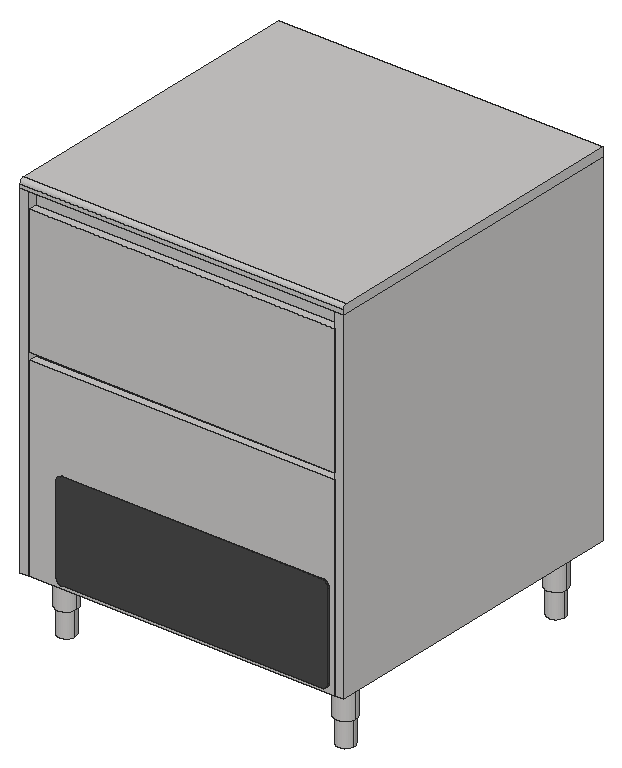
Revit family "QF_ZANUSSI_730298_IHD140I45SNP", category Attrezzature speciali, Revit 2018
Family settings
  Quota connettore circolare = Usa diametro
  Tipo di parte = Normale
  Basato su piano di lavoro = No
  Sempre verticale = Sì
  Taglio con vuoti quando caricato = No
  Condiviso = No
  Punto di calcolo locali = No
Parameters (values of type "Standard")
  Weight = 74.00 kg
  Watts = 1400 W
  Volts = 220 V
  URL Manufacturer = "http://www.zanussiprofessional.com"
  URL = "http://www.zanussiprofessional.com"
  Steam Supply Size = 0 mm
  Steam Supply Minimum Pressure = 0.0 Pa
  Steam Supply Maximum Pressure = 0.0 Pa
  Steam Pounds per Hour = 0
  Show Logo [instance] = yes
  Show Clearance [instance] = yes
  Refrigeration Suction Line Size = 0 mm
  Refrigeration Liquid Line Size = 0 mm
  Refrigerant Compressor Remote = yes
  Produttore = "Zanussi"
  Phase = 1
  Modello = "IHD140I45SNP"
  Length Actual = 762 mm  # constant formula
  Item Number = "730298"
  Hot Water Size = 0 mm
  Height Actual = 937 mm  # constant formula
  HP = "1.9 HP"
  Gas Size = 0 mm
  Gas KW = 0
  Gas Input Pressure = 0 W
  Descrizione = "WATER COOLED HALF DICE ICE 140KG/24H-BIN 45KG"
  Depth Actual = 762 mm  # constant formula
  Cycle = 50 Hz
  Condensate Return Size = 0 mm
  Compressed Air Volume = 0.0 L/s
  Compressed Air Size = 0 mm
  Compressed Air Pressure = 0.0 Pa
  Cold Water Size = 19.05 mm
  Accessory = yes
Reference planes
  plane 1 "Center X": y = 272.851
  plane 2: z = 0
  plane 3 "Center Y": x = -501.5
  plane 4 "LEFT": x = -882.5
  plane 5 "RIGHT": x = -120.5
  plane 6 "FRONT": y = -108.149
  plane 7 "BACK": y = 653.851
  plane 8: z = 142
  plane 9: z = 973
  plane 10: z = 953
  plane 11: x = -862.5
  plane 12: x = -140.5
  plane 13: y = -68.149
Forms (mm)
  Extrusion 1, solid, material "QF_Finishes_Black"
    sketch origin (-206.5, -108.149, 371.513) x (-1, 0, 0) y (0, 0, -1)
      loop
        arc (575, -8.487) -> (585.607, -4.093) -> (590, 6.513) r 15
        line (590, 6.513) -> (590, 207.469)
        arc (590, 207.469) -> (585.607, 218.075) -> (575, 222.469) r 15
        line (575, 222.469) -> (-36.116, 222.469)
        arc (-36.116, 222.469) -> (-46.723, 218.075) -> (-51.116, 207.469) r 15
        line (-51.116, 207.469) -> (-51.116, 6.513)
        arc (-51.116, 6.513) -> (-46.723, -4.093) -> (-36.116, -8.487) r 15
        line (-36.116, -8.487) -> (575, -8.487)
    from 0 to 2
  Extrusion 2, solid, material "QF_Finishes_Stainless Steel"
    sketch origin (-501.5, 0, 0) x (0, 1, 0) y (0, 0, 1)
      loop
        line (653.851, 953) -> (653.851, 973) -> (-98.149, 973)
        arc (-98.149, 973) -> (-105.22, 970.071) -> (-108.149, 963) r 10
        line (-108.149, 963) -> (-108.149, 953) -> (653.851, 953)
    from -381 to 381
  Extrusion 3, solid, material "QF_Finishes_Stainless Steel"
    sketch origin (-464.7, 653.851, -324.545) x (1, 0, 0) y (0, 0, -1)
      loop
        circle (280.2, -642.545) r 10
    from 0 to 10
  Extrusion 4, solid, material "QF_Finishes_Stainless Steel"
    sketch origin (0, 0, 0) x (1, 0, 0) y (0, 1, 0)
      loop
        line (-882.5, 653.851) -> (-882.5, -108.149) -> (-862.5, -108.149) -> (-862.5, 653.851) -> (-882.5, 653.851)
    from 142 to 953
  Extrusion 5, solid, material "QF_Finishes_Stainless Steel"
    sketch origin (0, 0, 0) x (1, 0, 0) y (0, 1, 0)
      loop
        line (-140.5, 653.851) -> (-140.5, -108.149) -> (-120.5, -108.149) -> (-120.5, 653.851) -> (-140.5, 653.851)
    from 142 to 953
  Extrusion 6, solid, material "QF_Finishes_Stainless Steel"
    sketch origin (0, 0, 0) x (1, 0, 0) y (0, 1, 0)
      loop
        line (-862.5, 653.851) -> (-862.5, -68.149) -> (-140.5, -68.149) -> (-140.5, 653.851) -> (-862.5, 653.851)
    from 142 to 953
  Extrusion 7, solid, material "QF_Finishes_Stainless Steel"
    sketch origin (0, 0, 0) x (1, 0, 0) y (0, 1, 0)
      loop
        line (-862.5, -108.149) -> (-140.5, -108.149) -> (-140.5, -68.149) -> (-862.5, -68.149) -> (-862.5, -108.149)
    from 142 to 598
  Extrusion 8, solid, material "QF_Finishes_Stainless Steel"
    sketch origin (-501.5, 0, 0) x (0, 1, 0) y (0, 0, 1)
      loop
        line (-68.149, 953) -> (-88.149, 953) -> (-88.149, 917) -> (-108.149, 917) -> (-108.149, 613.768) -> (-88.149, 613.768) -> (-88.149, 598) -> (-68.149, 598) -> (-68.149, 953)
    from -361 to 361
  Extrusion 9, solid, material "QF_Finishes_Stainless Steel"
    sketch origin (-451.7, 653.851, -395.545) x (1, 0, 0) y (0, 0, -1)
      loop
        circle (280.2, -642.545) r 10
    from 0 to 10
  Extrusion 10, solid, material "QF_Finishes_Stainless Steel"
    sketch origin (-510.7, 653.851, -356.545) x (1, 0, 0) y (0, 0, -1)
      loop
        circle (280.2, -642.545) r 10
    from 0 to 10
Lines and regions (mm)
  Split face 1
    outline origin (-501.5, -88.149, 953) x (0, 0, -1) y (1, 0, 0)
      loop
        line (5.715, 238.428) -> (30.715, 238.428) -> (30.715, 278.428) -> (5.715, 278.428) -> (5.715, 238.428)
  symbolic lines
    curve 1: line (-882.5, 653.851, 0) -> (-120.5, 653.851, 0)
    curve 2: line (-882.5, -108.149, 0) -> (-882.5, 653.851, 0)
    curve 3: line (-120.5, -108.149, 0) -> (-882.5, -108.149, 0)
    curve 4: line (-120.5, 653.851, 0) -> (-120.5, -108.149, 0)
Dimensions and locks
  equal spacing: plane 4 "LEFT", plane 3 "Center Y", plane 5 "RIGHT"
  plane 4 "LEFT" to plane 5 "RIGHT" = 762 mm
  equal spacing: plane 7 "BACK", plane 1 "Center X", plane 6 "FRONT"
  plane 7 "BACK" to plane 6 "FRONT" = 762 mm
  plane 8 to plane 2 = 142 mm
  plane 9 to plane 2 = 973 mm
  locked: plane 4 "LEFT" to plane 11 at 20
  locked: plane 12 to plane 5 "RIGHT" at 20
  locked: plane 9 to plane 10 at 20
  locked: plane 13 to plane 6 "FRONT" at 40
  aligned and locked: level to plane 2
  aligned and locked: plane 5 "RIGHT" to Extrusion 2
  aligned and locked: Extrusion 2 to plane 4 "LEFT"
  aligned and locked: Extrusion 4 sketch curve to Extrusion 2  (x2)
  aligned and locked: plane 6 "FRONT" to Extrusion 4 sketch curve
  aligned and locked: Extrusion 4 sketch curve to plane 11
  aligned and locked: Extrusion 5 sketch curve to plane 7 "BACK"
  aligned and locked: plane 12 to Extrusion 5 sketch curve
  aligned and locked: Extrusion 5 sketch curve to Extrusion 2  (x2)
  aligned and locked: plane 10 to Extrusion 4
  aligned and locked: plane 10 to Extrusion 5
  aligned and locked: Extrusion 4 to plane 8
  aligned and locked: Extrusion 5 to plane 8
  aligned and locked: Extrusion 6 sketch curve to Extrusion 4
  aligned and locked: Extrusion 4 to Extrusion 6 sketch curve
  aligned and locked: plane 13 to Extrusion 6 sketch curve
  aligned and locked: Extrusion 6 sketch curve to plane 12
  aligned and locked: plane 10 to Extrusion 6
  aligned and locked: Extrusion 6 to plane 8
  aligned and locked: Extrusion 4 to Extrusion 7 sketch curve
  aligned and locked: Extrusion 7 sketch curve to Extrusion 4
  aligned and locked: plane 13 to Extrusion 7 sketch curve
  aligned and locked: plane 12 to Extrusion 7 sketch curve
  aligned and locked: Extrusion 7 to plane 8
  aligned and locked: plane 12 to Extrusion 8
  aligned and locked: Extrusion 8 to plane 11
Automatic sketch dimensions
  curve 3 to plane 4 "LEFT" = 0 mm
  curve 3 to plane 5 "RIGHT" = 0 mm
  curve 3 to plane 6 "FRONT" = 0 mm
  curve 2 to plane 7 "BACK" = 0 mm
  Extrusion 1 sketch curve to plane 12 = 14.884 mm
  plane 8 to Extrusion 1 sketch curve = 7.044 mm
  Extrusion 1 sketch curve to Extrusion 1 sketch curve = 15 mm  (x3)
  plane 11 to Extrusion 1 sketch curve = 81 mm  (x2)
  Extrusion 1 sketch curve to Extrusion 1 sketch curve = 200.956 mm
  Extrusion 2 sketch curve to plane 6 "FRONT" = 0 mm
  Extrusion 2 sketch curve to plane 9 = 0 mm
  Extrusion 2 sketch curve to plane 7 "BACK" = 0 mm
  Extrusion 2 sketch curve to plane 10 = 0 mm
  plane 6 "FRONT" to Extrusion 2 sketch curve = 10 mm
  Extrusion 6 to Extrusion 3 sketch curve = 176 mm
  Extrusion 3 sketch curve to Extrusion 6 = 44 mm
  Extrusion 8 sketch curve to plane 6 "FRONT" = 0 mm
  Extrusion 8 sketch curve to plane 10 = 0 mm
  Extrusion 8 sketch curve to plane 13 = 0 mm
  plane 6 "FRONT" to Extrusion 8 sketch curve = 20 mm  (x2)
  Extrusion 8 sketch curve to plane 10 = 36 mm
  Extrusion 8 sketch curve to Extrusion 8 sketch curve = 303.232 mm
  Extrusion 8 sketch curve to Extrusion 8 sketch curve = 15.768 mm
  Split face 1 sketch curve to Extrusion 8 = 5.715 mm
  Extrusion 8 to Split face 1 sketch curve = 5.285 mm
  Split face 1 sketch curve to Extrusion 8 = 122.572 mm
  Split face 1 sketch curve to Split face 1 sketch curve = 40 mm
  Extrusion 9 sketch curve to Extrusion 6 = 31 mm
  Extrusion 6 to Extrusion 9 sketch curve = 105 mm
  Extrusion 10 sketch curve to Extrusion 6 = 90 mm
  Extrusion 6 to Extrusion 10 sketch curve = 144 mm
  radius of Extrusion 3 sketch curve = 10 mm
  radius of Extrusion 9 sketch curve = 10 mm
  radius of Extrusion 10 sketch curve = 10 mm
Nested families
  nested 1: "Foot_Complete" at (-830.5, -37.149, 0), type "Foot_Complete"
    with H 142 mm
  nested 2: "Foot_Complete" at (-172.5, -37.149, 0) x (-1, 0, 0) z (0, 0, 1), type "Foot_Complete"
    with H 142 mm
  nested 3: "Foot_Complete" at (-830.5, 582.851, 0), type "Foot_Complete"
    with H 142 mm
  nested 4: "Foot_Complete" at (-172.5, 582.851, 0) x (-1, 0, 0) z (0, 0, 1), type "Foot_Complete"
    with H 142 mm
Connectors
  electrical at (-171.5, 663.851, 247), driven by "Volts"
    settings: on Extrusion 9, index 1, voltage 220 V, apparent load 0 VA, apparent load phase1 0 VA, apparent load phase2 0 VA, apparent load phase3 0 VA, power factor 1, load classification "Altro", number of poles 1, system type 30, power factor state 1, is connector primary yes, connector utility no, sub classification motor no, connector description "Electrical Connection"
  piping at (-184.5, 663.851, 318), diameter 20
    settings: on Extrusion 3, index 2, connector inside diameter 609.6 mm, connector length 0 mm, flow factor 0, pipe flow 0.0 L/s, pressure drop 0.0 Pa, fitting loss kfactor 0, connector angle 0.00°, fixture units 0, engagement length 0 mm, angle of deflection 0.00°, flow configuration 0, flow direction 0, fitting loss method 0, system type 20, joint type 0, gender type 0, connector reference index -1, connector utility 0, adjustable connector no, is connector primary yes, connector description "Cold water"
  piping at (-230.5, 663.851, 286), diameter 20
    settings: on Extrusion 10, index 3, connector inside diameter 609.6 mm, connector length 0 mm, flow factor 0, pipe flow 0.0 L/s, pressure drop 0.0 Pa, fitting loss kfactor 0, connector angle 0.00°, fixture units 0, engagement length 0 mm, angle of deflection 0.00°, flow configuration 0, flow direction 0, fitting loss method 0, system type 16, joint type 0, gender type 0, connector reference index -1, connector utility 0, adjustable connector no, is connector primary no, connector description "Drain"
Definition of nested family "Foot_Complete"
  Parameters (values of type "Foot_Complete")
    R = 25 mm
    H = 153 mm
  Reference planes
    plane 1 "Centro (Fronte/Retro)": y = 0
    plane 2: z = 0
    plane 3 "Centro (Sinistra/Destra)": x = 0
    plane 4: z = 153
  Forms (mm)
    Revolve 1, solid
      sketch origin (255.05, 0, 608.09) x (0, 0, 1) y (-1, 0, 0)
        loop
          line (-608.09, 255.05) -> (-608.09, 235.05) -> (-548.09, 235.05) -> (-548.09, 230.05) -> (-455.09, 230.05) -> (-455.09, 255.05) -> (-608.09, 255.05)
        axis (-608.09, 255.05) -> (-455.09, 255.05)
      angle from 0 to 360
  Dimensions and locks
    level to Revolve 1 sketch curve = 60 mm
    "R": Revolve 1 sketch curve to plane 3 "Centro (Sinistra/Destra)"
    "H": plane 4 to level
    aligned and locked: level to plane 2
    aligned and locked: plane 4 to Revolve 1 sketch curve
    aligned and locked: Revolve 1 sketch curve to level
    aligned and locked: plane 3 "Centro (Sinistra/Destra)" to Revolve 1 sketch curve
  Automatic sketch dimensions
    Revolve 1 sketch curve to plane 3 "Centro (Sinistra/Destra)" = 0 mm
    plane 3 "Centro (Sinistra/Destra)" to Revolve 1 sketch curve = 20 mm
    Revolve 1 sketch curve to Revolve 1 sketch curve = 50 mm
    Revolve 1 sketch curve to Revolve 1 sketch curve = 20 mm
